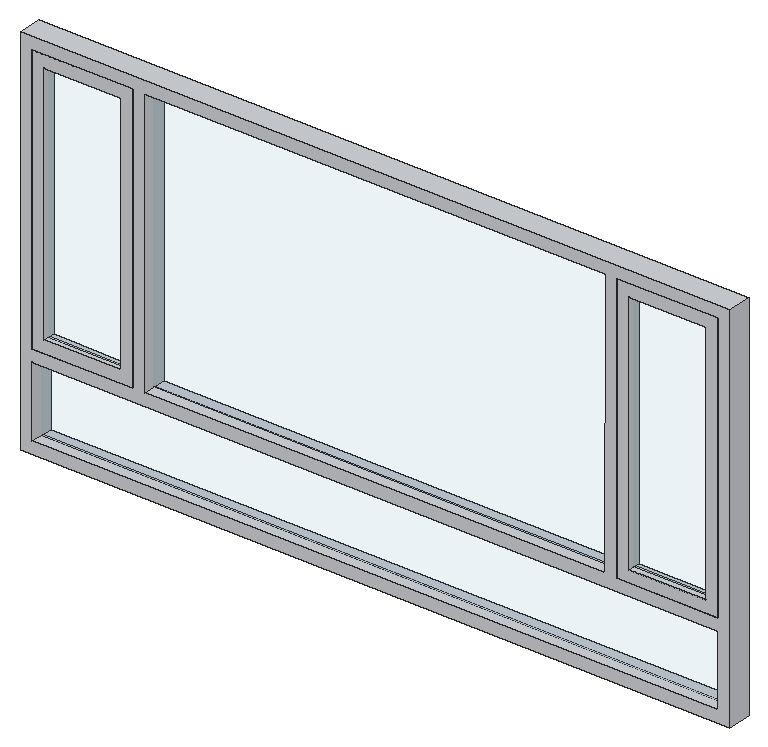
Revit family "W11_鋁窗", category 窗, Revit 2014
Parameters (values of type "100 x 150 cm")
  熱阻 (R) = 0.271106 (m²·K)/W
  Visual Light Transmittance = 0.9
  Solar Heat Gain Coefficient = 0.78
  營造類型 Id = "GSP4R"
  Height = 1900 mm
  傳熱係數 (U) = 3.6886 W/(m²·K)
  預設窗台高度 = 450 mm
  關鍵註記 = "固定窗-矩形"
  Rough Height = Height  # 1900 mm
  Rough Width = Width  # 3600 mm
  玻璃材質 = 玻璃
  牆封閉 = 依主體
  Width = 3600 mm
  裝飾外框材料 = none
  裝飾外框寬度 = 60 mm
  裝飾外框厚度 = 60 mm
  解析營造 = "1/8 英吋 Pilkington 單層鑲嵌玻璃"
Reference planes
  plane 1: y = 0
  plane 2 "中心 (左/右)": x = 0
  plane 3 "左": x = -1800
  plane 4 "右": x = 1800
  plane 5 "窗台": z = 450
  plane 6 "標頭": z = 2350
  plane 7 "外部": y = 75
  plane 8 "內部": y = -75
  plane 9: x = 1200
  plane 10: x = -1200
  plane 11: z = 900
Forms (mm)
  Extrusion 1, solid, material <- "裝飾外框材料"
    sketch origin (-5000, 0, 0) x (1, 0, 0) y (0, 0, 1)
      loop
        line (6800, 2350) -> (3200, 2350) -> (3200, 450) -> (6800, 450) -> (6800, 2350)
      loop
        line (6740, 2290) -> (6230, 2290) -> (6230, 930) -> (6740, 930) -> (6740, 2290)
      loop
        line (3260, 2290) -> (3260, 930) -> (3770, 930) -> (3770, 2290) -> (3260, 2290)
      loop
        line (3260, 510) -> (6740, 510) -> (6740, 870) -> (3260, 870) -> (3260, 510)
      loop
        line (6170, 930) -> (6170, 2290) -> (3830, 2290) -> (3830, 930) -> (6170, 930)
    from -60 to 60
  Extrusion 2, solid, material "玻璃" <- "玻璃材質"
    sketch origin (-5000, 0, 0) x (1, 0, 0) y (0, 0, 1)
      loop
        line (6170, 2290) -> (3830, 2290) -> (3830, 930) -> (6170, 930) -> (6170, 2290)
      loop
        line (3260, 870) -> (3260, 510) -> (6740, 510) -> (6740, 870) -> (3260, 870)
    from -5 to 5
Lines and regions (mm)
  Opening 1
    outline origin (3500, -75, 0) x (1, 0, 0) y (0, 0, 1)
      loop
        line (-1700, 450) -> (-1700, 2350) -> (-5300, 2350) -> (-5300, 450) -> (-1700, 450)
  symbolic lines, style "立面圖打開方向"
    curve 1: line (-1230, 75, 2290) -> (-1740, 75, 1610)
    curve 2: line (-1740, 75, 1610) -> (-1230, 75, 930)
    curve 3: line (1230, 75, 2290) -> (1740, 75, 1610)
    curve 4: line (1740, 75, 1610) -> (1230, 75, 930)
Text (mm)
  text "外部" at (-1963.203, 1332.353, 0), in view "參考樓層"
  text "內部" at (-1981.466, -818.386, 0), in view "參考樓層"
  text "外部" at (0, 923.751, 2943.296), in view "右"
  text "外部" at (0, 1040.484, 2685.409), in view "左"
Dimensions and locks
  equal spacing: plane 3 "左", plane 2 "中心 (左/右)", plane 4 "右"
  "Width": plane 3 "左" to plane 4 "右"
  "Height": plane 5 "窗台" to plane 6 "標頭"
  "預設窗台高度": plane 5 "窗台" to level
  locked: plane 7 "外部" to host wall at 0
  locked: plane 8 "內部" to host wall
  aligned and locked: nested 1 to Extrusion 1  (x4)
  aligned and locked: Extrusion 1 to Extrusion 2  (x8)
  aligned and locked: nested 2 to Extrusion 1  (x4)
  aligned and locked: Extrusion 1 to nested 2
  aligned and locked: curve 3 to Extrusion 1  (x2)
  aligned and locked: Extrusion 1 to curve 1
  aligned and locked: curve 1 to Extrusion 1
  aligned and locked: Extrusion 1 to nested 1
Automatic sketch dimensions
  plane 3 "左" to Opening 1 sketch curve = 0 mm
  plane 4 "右" to Opening 1 sketch curve = 0 mm
  Opening 1 sketch curve to plane 5 "窗台" = 0 mm
  Opening 1 sketch curve to plane 6 "標頭" = 0 mm
  plane 3 "左" to Extrusion 1 sketch curve = 0 mm
  plane 4 "右" to Extrusion 1 sketch curve = 0 mm
  Extrusion 1 sketch curve to plane 5 "窗台" = 0 mm
  Extrusion 1 sketch curve to plane 6 "標頭" = 0 mm
  Extrusion 1 sketch curve to plane 3 "左" = 60 mm  (x2)
  plane 10 to Extrusion 1 sketch curve = 30 mm
  Extrusion 1 sketch curve to plane 10 = 30 mm
  plane 9 to Extrusion 1 sketch curve = 30 mm
  Extrusion 1 sketch curve to plane 9 = 30 mm
  plane 4 "右" to Extrusion 1 sketch curve = 60 mm  (x2)
  Extrusion 1 sketch curve to plane 5 "窗台" = 60 mm
  Extrusion 1 sketch curve to plane 11 = 30 mm
  plane 11 to Extrusion 1 sketch curve = 30 mm  (x3)
  plane 6 "標頭" to Extrusion 1 sketch curve = 60 mm  (x2)
  Extrusion 1 sketch curve to Extrusion 1 sketch curve = 0 mm
  plane 11 to curve 1 = 710 mm
  plane 10 to curve 2 = 30 mm
  curve 4 to plane 9 = 30 mm
  plane 11 to curve 4 = 710 mm
  plane 11 to curve 2 = 30 mm
  plane 11 to curve 4 = 30 mm
  plane 6 "標頭" to curve 3 = 60 mm
  plane 6 "標頭" to curve 1 = 60 mm
  plane 4 "右" to Extrusion 2 sketch curve = 60 mm
  Extrusion 2 sketch curve to plane 5 "窗台" = 60 mm
  plane 9 to Extrusion 2 sketch curve = 30 mm
  Extrusion 2 sketch curve to plane 10 = 30 mm
  Extrusion 2 sketch curve to plane 3 "左" = 60 mm
  Extrusion 2 sketch curve to plane 11 = 30 mm
  plane 11 to Extrusion 2 sketch curve = 30 mm
  plane 6 "標頭" to Extrusion 2 sketch curve = 60 mm
Nested families
  nested 1: "窗框" at (-1752.428, 919.367, -70), type "窗框"
    with Height 1360 mm, Width 510 mm
  nested 2: "窗框" at (1752.428, 919.367, -70) x (-1, 0, 0) z (0, 0, 1), type "窗框"
    with Height 1360 mm, Width 510 mm
Definition of nested family "窗框"
  Parameters (values of type "窗框")
    Height [instance] = 500 mm
    護桿寬度 = 20 mm
    護桿厚度 = 10 mm
    Rough Height = 500 mm
    Rough Width = 600 mm
    Width [instance] = 600 mm
    裝飾外框材料 = none
    玻璃材質 = none
    玻璃厚度 = 10 mm
    裝飾外框寬度 = 60 mm
    裝飾外框厚度 = 60 mm
    Assembly Code = ""
  Reference planes
    plane 1 "中心 (前/後)": y = -919.367
    plane 2: z = 0
    plane 3 "中心 (左/右)": x = 267.428
    plane 4 "玻璃-上": y = -944.367
    plane 5 "玻璃-下": y = -954.367
    plane 6: y = -979.367
    plane 7: x = -32.572
    plane 8: x = 567.428
    plane 9: x = 27.428
    plane 10: x = 507.428
    plane 11: z = 1440
    plane 12: z = 1500
    plane 13: z = 1060
    plane 14: z = 1000
    plane 15: y = -949.367
  Forms (mm)
    Extrusion 1, solid, material <- "玻璃材質"
      sketch origin (-1499.274, -949.367, 1200) x (-1, 0, 0) y (0, 0, 1)
        loop
          line (-1526.702, 240) -> (-2006.702, 240) -> (-2006.702, -140) -> (-1526.702, -140) -> (-1526.702, 240)
      from -5 to 5
    Extrusion 2, solid, material <- "裝飾外框材料"
      sketch origin (-1499.274, -949.367, 1200) x (-1, 0, 0) y (0, 0, 1)
        loop
          line (-1466.702, 300) -> (-2066.702, 300) -> (-2066.702, -200) -> (-1466.702, -200) -> (-1466.702, 300)
        loop
          line (-1526.702, 240) -> (-2006.702, 240) -> (-2006.702, -140) -> (-1526.702, -140) -> (-1526.702, 240)
      from -30 to 30
  Dimensions and locks
    equal spacing: plane 10, plane 3 "中心 (左/右)", plane 9
    "裝飾外框寬度": plane 8 to plane 10
    "裝飾外框寬度": plane 9 to plane 7
    "裝飾外框寬度": plane 12 to plane 11
    "Width": plane 8 to plane 7
    "裝飾外框寬度": plane 13 to plane 14
    "Height": plane 12 to plane 14
    plane 14 to level = 1000 mm
    equal spacing: plane 4 "玻璃-上", plane 15, plane 5 "玻璃-下"
    "玻璃厚度": plane 4 "玻璃-上" to plane 5 "玻璃-下"
    equal spacing: plane 6, plane 15, plane 1 "中心 (前/後)"
    "裝飾外框厚度": plane 6 to plane 1 "中心 (前/後)"
    aligned and locked: Extrusion 1 sketch curve to plane 11
    aligned and locked: plane 9 to Extrusion 1 sketch curve
    aligned and locked: Extrusion 1 sketch curve to plane 10
    aligned and locked: plane 13 to Extrusion 1 sketch curve
    aligned and locked: plane 7 to Extrusion 2 sketch curve
    aligned and locked: Extrusion 2 sketch curve to plane 12
    aligned and locked: Extrusion 2 sketch curve to plane 8
    aligned and locked: plane 9 to Extrusion 2 sketch curve
    aligned and locked: plane 13 to Extrusion 2 sketch curve
    aligned and locked: Extrusion 2 sketch curve to plane 10
    aligned and locked: Extrusion 2 sketch curve to plane 11
    aligned and locked: Extrusion 2 sketch curve to plane 14
    aligned and locked: plane 2 to level
    aligned and locked: plane 6 to Extrusion 2
    aligned and locked: plane 1 "中心 (前/後)" to Extrusion 2
    aligned and locked: plane 5 "玻璃-下" to Extrusion 1
    aligned and locked: plane 4 "玻璃-上" to Extrusion 1
